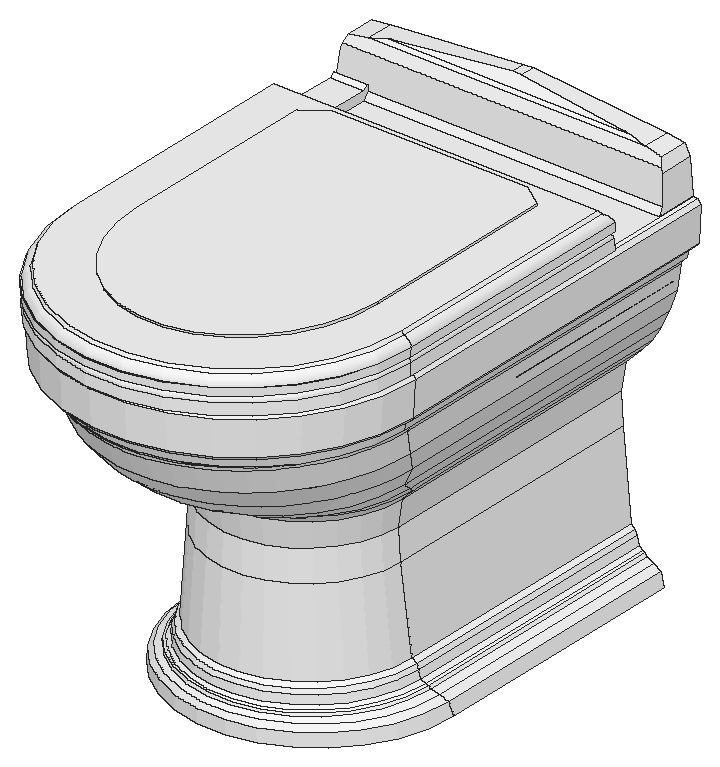
Revit family "Villeroy_Boch-Hommage_Washdown_WC-3D", category Plumbing Fixtures, Revit 2020
Family settings
  Round Connector Dimension = Use Diameter
  Part Type = Normal
  Work Plane-Based = No
  Always vertical = Yes
  Cut with Voids When Loaded = No
  Shared = No
  Room Calculation Point = No
Parameters
  Villeroy & Boch AG Matériau = Céramique
  URL = "http://www.villeroy-boch.fr"
  Téléphone = "0049 (0) 6864 / 810"
  Type Comments = "Que ce soit dans les domaines de la salle de bains et wellness, l'art de la table, les carrelages ou la cuisine, nos produits se distinguent par leur impression d'élégance, leur maniabilité intuitive et leur qualité à long terme. Laissez-vous surprendre et convaincre par notre design innovant made by Villeroy & Boch."
  Model = "Villeroy Boch Hommage Washdown WC"
  Manufacturer = "Villeroy & Boch"
  Email = "information@villeroy-boch.com"
  Description = "Un design innovant à l'élégance intemporelle et à la qualité exceptionnelle :  voilà ce que garantit Villeroy & Boch et ce depuis 1748. En se basant sur cette tradition, les designers et chefs de produit ont développé des collections et des concepts afin de créer des cadres de vie."
  Default Elevation = 0 cm
  Addresse = "Villeroy & Boch AG, Saaruferstraße, 66693 Mettlach, Deutschland"
Reference planes (cm)
  plane 1 "Center (Front/Back)": y = 0
  plane 2: z = 0
  plane 3 "Center (Left/Right)": x = 0
Lines and regions (cm)
  symbolic lines
    curve 1: line (-18.5348, 0, 0) -> (-18.5348, -39.0046, 0)
    curve 2: line (18.5348, 0, 0) -> (18.5348, -39.0046, 0)
    curve 3: line (18.5348, 0, 0) -> (-18.5348, 0, 0)
    curve 4: line (-18.5348, -11.7125, 0) -> (18.5348, -11.7125, 0)
    curve 5: arc (-18.5348, -39.0046, 0) -> (0, -57.5393, 0) -> (18.5348, -39.0046, 0) r 18.5348
    curve 6: line (-18.5348, -4.7125, 0) -> (18.5348, -4.7125, 0)
    curve 7: line (-12.9924, -15.1015, 0) -> (-12.9924, -37.9688, 0)
    curve 8: line (12.9924, -37.9688, 0) -> (12.9924, -15.1015, 0)
    curve 9: line (12.9924, -15.1015, 0) -> (10.5349, -13.3807, 0)
    curve 10: line (10.5349, -13.3807, 0) -> (-10.5349, -13.3807, 0)
    curve 11: line (-10.5349, -13.3807, 0) -> (-12.9924, -15.1015, 0)
    curve 12: arc (-12.9924, -37.9688, 0) -> (0, -50.9612, 0) -> (12.9924, -37.9688, 0) r 12.9924
Nested families (cm)
  nested 1: "Villeroy Boch Hommage Washdown WC" at (0, -28.75, 0), type "Villeroy Boch Hommage Washdown WC"
Definition of nested family "Villeroy Boch Hommage Washdown WC"
  Parameters
    Mat1 = none
    Default Elevation = 0 cm
    Assembly Code = ""
  Reference planes (cm)
    plane 1 "Center (Front/Back)": y = 0
    plane 2: z = 0
    plane 3 "Center (Left/Right)": x = 0
  Forms (cm)
    SweptBlend 1, solid, material <- "Mat1"
      path origin (0, 0, 0) x (0, 1, 0) y (0, 0, 1)
        loop
          line (28.75, 1.4402) -> (28.75, 0)
      profile origin (0, 28.75, 1.4402) x (1, 0, 0) y (0, 1, 0)
        loop
          line (-14.2448, 0) -> (-14.2448, -28.625)
          arc (-14.2448, -28.625) -> (0, -42.8698) -> (14.2448, -28.625) r 14.2448
          line (14.2448, -28.625) -> (14.2448, 0) -> (-14.2448, 0)
      end profile origin (0, 28.75, 0) x (1, 0, 0) y (0, 1, 0)
        loop
          line (-14.5448, 0) -> (-14.5448, -28.3125)
          arc (-14.5448, -28.3125) -> (0, -42.8573) -> (14.5448, -28.3125) r 14.5448
          line (14.5448, -28.3125) -> (14.5448, 0) -> (-14.5448, 0)
    SweptBlend 2, solid, material <- "Mat1"
      path origin (0, 0, 0) x (0, 1, 0) y (0, 0, 1)
        loop
          line (-12.2275, 2.013) -> (-12.2275, 1.4402)
      profile origin (0, -12.2275, 2.013) x (1, 0, 0) y (0, 1, 0)
        loop
          line (-13.5448, 40.9775) -> (-13.5448, 12.04)
          arc (-13.5448, 12.04) -> (0, -1.5047) -> (13.5448, 12.04) r 13.5448
          line (13.5448, 12.04) -> (13.5448, 40.9775) -> (-13.5448, 40.9775)
      end profile origin (0, -12.2275, 1.4402) x (1, 0, 0) y (0, 1, 0)
        loop
          arc (-14.2448, 12.3525) -> (0, -1.8922) -> (14.2448, 12.3525) r 14.2448
          line (14.2448, 12.3525) -> (14.2448, 40.9775) -> (-14.2448, 40.9775) -> (-14.2448, 12.3525)
    SweptBlend 3, solid, material <- "Mat1"
      path origin (0, 0, 0) x (0, 1, 0) y (0, 0, 1)
        loop
          line (-12.8544, 2.013) -> (-12.8544, 2.3885)
      profile origin (0, -12.8544, 2.013) x (0, -1, 0) y (1, 0, 0)
        loop
          line (-41.6044, -13.5448) -> (-12.6669, -13.5448)
          arc (-12.6669, -13.5448) -> (0.8779, 0) -> (-12.6669, 13.5448) r 13.5448
          line (-12.6669, 13.5448) -> (-41.6044, 13.5448) -> (-41.6044, -13.5448)
      end profile origin (0, -12.8544, 2.3885) x (0, -1, 0) y (1, 0, 0)
        loop
          line (-41.6044, 12.7448) -> (-41.6044, -12.7448) -> (-12.3994, -12.7448)
          arc (-12.3994, -12.7448) -> (0.3454, 0) -> (-12.3994, 12.7448) r 12.7448
          line (-12.3994, 12.7448) -> (-41.6044, 12.7448)
    SweptBlend 4, solid, material <- "Mat1"
      path origin (0, 0, 0) x (0, 1, 0) y (0, 0, 1)
        loop
          line (-12.9741, 2.3885) -> (-12.9741, 2.6709)
      profile origin (0, -12.9741, 2.3885) x (0, -1, 0) y (1, 0, 0)
        loop
          line (-41.7241, -12.7448) -> (-12.5191, -12.7448)
          arc (-12.5191, -12.7448) -> (0.2256, 0) -> (-12.5191, 12.7448) r 12.7448
          line (-12.5191, 12.7448) -> (-41.7241, 12.7448) -> (-41.7241, -12.7448)
      end profile origin (0, -12.9741, 2.6709) x (0, -1, 0) y (1, 0, 0)
        loop
          line (-41.7241, 12.5648) -> (-41.7241, -12.5648) -> (-12.4616, -12.5648)
          arc (-12.4616, -12.5648) -> (0.1031, 0) -> (-12.4616, 12.5648) r 12.5648
          line (-12.4616, 12.5648) -> (-41.7241, 12.5648)
    SweptBlend 5, solid, material <- "Mat1"
      path origin (0, 0, 0) x (0, 1, 0) y (0, 0, 1)
        loop
          line (-12.7827, 2.6709) -> (-12.7827, 2.834)
      profile origin (0, -12.7827, 2.6709) x (0, -1, 0) y (1, 0, 0)
        loop
          line (-41.5327, -12.5648) -> (-12.2702, -12.5648)
          arc (-12.2702, -12.5648) -> (0.2946, 0) -> (-12.2702, 12.5648) r 12.5648
          line (-12.2702, 12.5648) -> (-41.5327, 12.5648) -> (-41.5327, -12.5648)
      end profile origin (0, -12.7827, 2.834) x (0, -1, 0) y (1, 0, 0)
        loop
          line (-41.5327, -12.3348) -> (-12.2364, -12.3348)
          arc (-12.2364, -12.3348) -> (0.0983, 0) -> (-12.2364, 12.3348) r 12.3348
          line (-12.2364, 12.3348) -> (-41.5327, 12.3348) -> (-41.5327, -12.3348)
    SweptBlend 6, solid, material <- "Mat1"
      path origin (0, 0, 0) x (1, 0, 0) y (0, 0, 1)
        loop
          line (-10.4138, 2.834) -> (-10.4138, 3.1347)
      profile origin (-10.4138, 0, 2.834) x (-1, 0, 0) y (0, -1, 0)
        loop
          line (1.921, -28.75) -> (1.921, 0.5463)
          arc (1.921, 0.5463) -> (-10.4138, 12.881) -> (-22.7485, 0.5463) r 12.3348
          line (-22.7485, 0.5463) -> (-22.7485, -28.75) -> (1.921, -28.75)
      end profile origin (-10.4138, 0, 3.1347) x (-1, 0, 0) y (0, -1, 0)
        loop
          line (-22.2985, -28.75) -> (1.471, -28.75) -> (1.471, 0.6263)
          arc (1.471, 0.6263) -> (-10.4138, 12.511) -> (-22.2985, 0.6263) r 11.8848
          line (-22.2985, 0.6263) -> (-22.2985, -28.75)
    SweptBlend 7, solid, material <- "Mat1"
      path origin (0, 0, 0) x (0, 1, 0) y (0, 0, 1)
        loop
          line (-12.2155, 3.1347) -> (-12.2155, 4.0346)
      profile origin (0, -12.2155, 3.1347) x (0, -1, 0) y (1, 0, 0)
        loop
          line (-11.5893, 11.8848) -> (-40.9655, 11.8848) -> (-40.9655, -11.8848) -> (-11.5893, -11.8848)
          arc (-11.5893, -11.8848) -> (0.2955, 0) -> (-11.5893, 11.8848) r 11.8848
      end profile origin (0, -12.2155, 4.0346) x (0, -1, 0) y (1, 0, 0)
        loop
          line (-40.9655, 11.6848) -> (-40.9655, -11.6848) -> (-11.4643, -11.6848)
          arc (-11.4643, -11.6848) -> (0.2205, 0) -> (-11.4643, 11.6848) r 11.6848
          line (-11.4643, 11.6848) -> (-40.9655, 11.6848)
    SweptBlend 8, solid, material <- "Mat1"
      path origin (0, 0, 0) x (0, 1, 0) y (0, 0, 1)
        loop
          line (-11.5076, 4.5394) -> (-11.5076, 4.0346)
      profile origin (0, -11.5076, 4.5394) x (1, 0, 0) y (0, 1, 0)
        loop
          line (-11.4848, 40.2576) -> (-11.4848, 10.7613)
          arc (-11.4848, 10.7613) -> (0, -0.7234) -> (11.4848, 10.7613) r 11.4848
          line (11.4848, 10.7613) -> (11.4848, 40.2576) -> (-11.4848, 40.2576)
      end profile origin (0, -11.5076, 4.0346) x (1, 0, 0) y (0, 1, 0)
        loop
          arc (-11.6848, 10.7563) -> (0, -0.9284) -> (11.6848, 10.7563) r 11.6848
          line (11.6848, 10.7563) -> (11.6848, 40.2576) -> (-11.6848, 40.2576) -> (-11.6848, 10.7563)
    SweptBlend 9, solid, material <- "Mat1"
      path origin (0, 0, 0) x (0, 1, 0) y (0, 0, 1)
        loop
          line (-10.9964, 4.5394) -> (-10.9964, 4.9354)
      profile origin (0, -10.9964, 4.5394) x (0, -1, 0) y (1, 0, 0)
        loop
          arc (-10.2501, -11.4848) -> (1.2346, 0) -> (-10.2501, 11.4848) r 11.4848
          line (-10.2501, 11.4848) -> (-39.7464, 11.4848) -> (-39.7464, -11.4848) -> (-10.2501, -11.4848)
      end profile origin (0, -10.9964, 4.9354) x (0, -1, 0) y (1, 0, 0)
        loop
          line (-39.7464, 10.9848) -> (-39.7464, -10.9848) -> (-10.2001, -10.9848)
          arc (-10.2001, -10.9848) -> (0.7846, 0) -> (-10.2001, 10.9848) r 10.9848
          line (-10.2001, 10.9848) -> (-39.7464, 10.9848)
    SweptBlend 10, solid, material <- "Mat1"
      path origin (0, 0, 0) x (0, 1, 0) y (0, 0, 1)
        loop
          line (-10.1089, 14.1145) -> (-10.1089, 4.9354)
      profile origin (0, -10.1089, 14.1145) x (1, 0, 0) y (0, 1, 0)
        loop
          line (-10.1348, 38.8589) -> (-10.1348, 8.9331)
          arc (-10.1348, 8.9331) -> (0, -1.2017) -> (10.1348, 8.9331) r 10.1348
          line (10.1348, 8.9331) -> (10.1348, 38.8589) -> (-10.1348, 38.8589)
      end profile origin (0, -10.1089, 4.9354) x (1, 0, 0) y (0, 1, 0)
        loop
          arc (-10.9848, 9.3126) -> (0, -1.6721) -> (10.9848, 9.3126) r 10.9848
          line (10.9848, 9.3126) -> (10.9848, 38.8589) -> (-10.9848, 38.8589) -> (-10.9848, 9.3126)
    SweptBlend 11, solid, material <- "Mat1"
      path origin (0, 0, 0) x (0, 1, 0) y (0, 0, 1)
        loop
          line (-10.7003, 17.4709) -> (-10.7003, 14.1145)
      profile origin (0, -10.7003, 17.4709) x (1, 0, 0) y (0, 1, 0)
        loop
          line (-9.9348, 39.4503) -> (-9.9348, 9.4717)
          arc (-9.9348, 9.4717) -> (0, -0.4631) -> (9.9348, 9.4717) r 9.9348
          line (9.9348, 9.4717) -> (9.9348, 39.4503) -> (-9.9348, 39.4503)
      end profile origin (0, -10.7003, 14.1145) x (1, 0, 0) y (0, 1, 0)
        loop
          line (-10.1348, 39.4503) -> (-10.1348, 9.5245)
          arc (-10.1348, 9.5245) -> (0, -0.6103) -> (10.1348, 9.5245) r 10.1348
          line (10.1348, 9.5245) -> (10.1348, 39.4503) -> (-10.1348, 39.4503)
    SweptBlend 12, solid, material <- "Mat1"
      path origin (0, 0, 0) x (0, 1, 0) y (0, 0, 1)
        loop
          line (-9.5, 20.4181) -> (-9.5, 17.4709)
      profile origin (0, -9.5, 20.4181) x (1, 0, 0) y (0, 1, 0)
        loop
          line (10.4848, 8.125) -> (10.4848, 38.25) -> (-10.4848, 38.25) -> (-10.4848, 8.125)
          arc (-10.4848, 8.125) -> (0, -2.3598) -> (10.4848, 8.125) r 10.4848
      end profile origin (0, -9.5, 17.4709) x (1, 0, 0) y (0, 1, 0)
        loop
          line (-9.9348, 38.25) -> (-9.9348, 8.2714)
          arc (-9.9348, 8.2714) -> (0, -1.6633) -> (9.9348, 8.2714) r 9.9348
          line (9.9348, 8.2714) -> (9.9348, 38.25) -> (-9.9348, 38.25)
    SweptBlend 13, solid, material <- "Mat1"
      path origin (0, 0, 0) x (1, 0, 0) y (0, 0, 1)
        loop
          line (9.1681, 22.181) -> (9.1681, 20.4181)
      profile origin (9.1681, 0, 22.181) x (0, -1, 0) y (1, 0, 0)
        loop
          line (-28.75, -21.4029) -> (2.2286, -21.4029)
          arc (2.2286, -21.4029) -> (14.4633, -9.1681) -> (2.2286, 3.0666) r 12.2348
          line (2.2286, 3.0666) -> (-28.75, 3.0666) -> (-28.75, -21.4029)
      end profile origin (9.1681, 0, 20.4181) x (0, -1, 0) y (1, 0, 0)
        loop
          line (-28.75, -19.6529) -> (1.375, -19.6529)
          arc (1.375, -19.6529) -> (11.8598, -9.1681) -> (1.375, 1.3166) r 10.4848
          line (1.375, 1.3166) -> (-28.75, 1.3166) -> (-28.75, -19.6529)
    SweptBlend 14, solid, material <- "Mat1"
      path origin (0, 0, 0) x (0, 1, 0) y (0, 0, 1)
        loop
          line (-13.0754, 23.4331) -> (-13.0754, 22.181)
      profile origin (0, -13.0754, 23.4331) x (1, 0, 0) y (0, 1, 0)
        loop
          line (-13.2348, 41.8254) -> (-13.2348, 9.1468)
          arc (-13.2348, 9.1468) -> (0, -4.0879) -> (13.2348, 9.1468) r 13.2348
          line (13.2348, 9.1468) -> (13.2348, 41.8254) -> (-13.2348, 41.8254)
      end profile origin (0, -13.0754, 22.181) x (1, 0, 0) y (0, 1, 0)
        loop
          line (-12.2348, 41.8254) -> (-12.2348, 10.8468)
          arc (-12.2348, 10.8468) -> (0, -1.3879) -> (12.2348, 10.8468) r 12.2348
          line (12.2348, 10.8468) -> (12.2348, 41.8254) -> (-12.2348, 41.8254)
    SweptBlend 15, solid, material <- "Mat1"
      path origin (0, 0, 0) x (0, 1, 0) y (0, 0, 1)
        loop
          line (-14.315, 25.006) -> (-14.315, 23.4331)
      profile origin (0, -14.315, 25.006) x (1, 0, 0) y (0, 1, 0)
        loop
          line (-14.2348, 43.065) -> (-14.2348, 8.5364)
          arc (-14.2348, 8.5364) -> (0, -5.6983) -> (14.2348, 8.5364) r 14.2348
          line (14.2348, 8.5364) -> (14.2348, 43.065) -> (-14.2348, 43.065)
      end profile origin (0, -14.315, 23.4331) x (1, 0, 0) y (0, 1, 0)
        loop
          line (-13.2348, 43.065) -> (-13.2348, 10.3864)
          arc (-13.2348, 10.3864) -> (0, -2.8483) -> (13.2348, 10.3864) r 13.2348
          line (13.2348, 10.3864) -> (13.2348, 43.065) -> (-13.2348, 43.065)
    SweptBlend 16, solid, material <- "Mat1"
      path origin (0, 0, 0) x (1, 0, 0) y (0, 0, 1)
        loop
          line (14, 26.9076) -> (14, 25.006)
      profile origin (14, 0, 26.9076) x (0, -1, 0) y (1, 0, 0)
        loop
          line (-28.75, -29.1348) -> (5.7786, -29.1348)
          spline (5.7786, -29.1348) -> (10.0491, -28.619) -> (14.0286, -27.1071) -> (17.4458, -24.7019) -> (20.068, -21.5674) -> (21.7164, -17.9172) -> (22.2786, -14) -> (21.7164, -10.0828) -> (20.068, -6.4326) -> (17.4458, -3.2981) -> (14.0286, -0.8929) -> (10.0491, 0.619) -> (5.7786, 1.1348)
          line (5.7786, 1.1348) -> (-28.75, 1.1348) -> (-28.75, -29.1348)
      end profile origin (14, 0, 25.006) x (0, -1, 0) y (1, 0, 0)
        loop
          line (5.7786, 0.2348) -> (-28.75, 0.2348) -> (-28.75, -28.2348) -> (5.7786, -28.2348)
          arc (5.7786, -28.2348) -> (20.0133, -14) -> (5.7786, 0.2348) r 14.2348
    SweptBlend 17, solid, material <- "Mat1"
      path origin (0, 0, 0) x (1, 0, 0) y (0, 0, 1)
        loop
          line (-12.2461, 29.2158) -> (-12.2461, 26.9076)
      profile origin (-12.2461, 0, 29.2158) x (0, -1, 0) y (1, 0, 0)
        loop
          line (-28.75, -3.6887) -> (7.0786, -3.6887)
          spline (7.0786, -3.6887) -> (11.5319, -3.1508) -> (15.6885, -1.5713) -> (19.2688, 0.949) -> (22.0267, 4.2464) -> (23.7668, 8.1005) -> (24.3617, 12.2461) -> (23.7668, 16.3916) -> (22.0267, 20.2457) -> (19.2688, 23.5431) -> (15.6885, 26.0634) -> (11.5319, 27.643) -> (7.0786, 28.1808)
          line (7.0786, 28.1808) -> (-28.75, 28.1808) -> (-28.75, -3.6887)
      end profile origin (-12.2461, 0, 26.9076) x (0, -1, 0) y (1, 0, 0)
        loop
          line (-28.75, -2.8887) -> (5.7786, -2.8887)
          spline (5.7786, -2.8887) -> (10.0491, -2.373) -> (14.0286, -0.861) -> (17.4458, 1.5442) -> (20.068, 4.6787) -> (21.7164, 8.3289) -> (22.2786, 12.2461) -> (21.7164, 16.1632) -> (20.068, 19.8134) -> (17.4458, 22.9479) -> (14.0286, 25.3531) -> (10.0491, 26.8651) -> (5.7786, 27.3808)
          line (5.7786, 27.3808) -> (-28.75, 27.3808) -> (-28.75, -2.8887)
    SweptBlend 18, solid, material <- "Mat1"
      path origin (0, 0, 0) x (0, 1, 0) y (0, 0, 1)
        loop
          line (-22.8309, 32.0501) -> (-22.8309, 29.2158)
      profile origin (0, -22.8309, 32.0501) x (1, 0, 0) y (0, 1, 0)
        loop
          line (-16.4348, 51.5809) -> (-16.4348, 14.7523)
          spline (-16.4348, 14.7523) -> (-15.8847, 10.1989) -> (-14.2671, 5.9424) -> (-11.6787, 2.266) -> (-8.2804, -0.5758) -> (-4.2952, -2.3747) -> (0, -2.9909) -> (4.2952, -2.3747) -> (8.2804, -0.5758) -> (11.6787, 2.266) -> (14.2671, 5.9424) -> (15.8847, 10.1989) -> (16.4348, 14.7523)
          line (16.4348, 14.7523) -> (16.4348, 51.5809) -> (-16.4348, 51.5809)
      end profile origin (0, -22.8309, 29.2158) x (1, 0, 0) y (0, 1, 0)
        loop
          line (15.9348, 15.7523) -> (15.9348, 51.5809) -> (-15.9348, 51.5809) -> (-15.9348, 15.7523)
          spline (-15.9348, 15.7523) -> (-15.3969, 11.299) -> (-13.8174, 7.1424) -> (-11.297, 3.5621) -> (-7.9997, 0.8042) -> (-4.1455, -0.9359) -> (0, -1.5307) -> (4.1455, -0.9359) -> (7.9997, 0.8042) -> (11.297, 3.5621) -> (13.8174, 7.1424) -> (15.3969, 11.299) -> (15.9348, 15.7523)
    SweptBlend 19, solid, material <- "Mat1"
      path origin (0, 0, 0) x (0, 1, 0) y (0, 0, 1)
        loop
          line (-25.3294, 32.499) -> (-25.3294, 32.0501)
      profile origin (0, -25.3294, 32.499) x (1, 0, 0) y (0, 1, 0)
        loop
          line (-16.6348, 54.0794) -> (-16.6348, 17.2508)
          spline (-16.6348, 17.2508) -> (-16.0789, 12.6496) -> (-14.4438, 8.3473) -> (-11.826, 4.6293) -> (-8.387, 1.7534) -> (-4.3513, -0.0682) -> (0, -0.6925) -> (4.3513, -0.0682) -> (8.387, 1.7534) -> (11.826, 4.6293) -> (14.4438, 8.3473) -> (16.0789, 12.6496) -> (16.6348, 17.2508)
          line (16.6348, 17.2508) -> (16.6348, 54.0794) -> (-16.6348, 54.0794)
      end profile origin (0, -25.3294, 32.0501) x (1, 0, 0) y (0, 1, 0)
        loop
          line (-16.4348, 54.0794) -> (-16.4348, 17.2508)
          spline (-16.4348, 17.2508) -> (-15.8847, 12.6973) -> (-14.2671, 8.4409) -> (-11.6787, 4.7645) -> (-8.2804, 1.9227) -> (-4.2952, 0.1238) -> (0, -0.4925) -> (4.2952, 0.1238) -> (8.2804, 1.9227) -> (11.6787, 4.7645) -> (14.2671, 8.4409) -> (15.8847, 12.6973) -> (16.4348, 17.2508)
          line (16.4348, 17.2508) -> (16.4348, 54.0794) -> (-16.4348, 54.0794)
    SweptBlend 20, solid, material <- "Mat1"
      path origin (0, 0, 0) x (1, 0, 0) y (0, 0, 1)
        loop
          line (16.1499, 32.8305) -> (16.1499, 32.499)
      profile origin (16.1499, 0, 32.8305) x (0, -1, 0) y (1, 0, 0)
        loop
          line (-28.75, -33.1847) -> (9.2786, -33.1847)
          arc (9.2786, -33.1847) -> (26.3133, -16.1499) -> (9.2786, 0.8848) r 17.0348
          line (9.2786, 0.8848) -> (-28.75, 0.8848) -> (-28.75, -33.1847)
      end profile origin (16.1499, 0, 32.499) x (0, -1, 0) y (1, 0, 0)
        loop
          line (-28.75, -32.7847) -> (8.0786, -32.7847)
          spline (8.0786, -32.7847) -> (12.6798, -32.2289) -> (16.9821, -30.5937) -> (20.7001, -27.976) -> (23.5759, -24.5369) -> (25.3976, -20.5013) -> (26.0219, -16.1499) -> (25.3976, -11.7986) -> (23.5759, -7.763) -> (20.7001, -4.3239) -> (16.9821, -1.7061) -> (12.6798, -0.071) -> (8.0786, 0.4848)
          line (8.0786, 0.4848) -> (-28.75, 0.4848) -> (-28.75, -32.7847)
    SweptBlend 21, solid, material <- "Mat1"
      path origin (0, 0, 0) x (0, 1, 0) y (0, 0, 1)
        loop
          line (-26.0023, 33.8165) -> (-26.0023, 32.8305)
      profile origin (0, -26.0023, 33.8165) x (1, 0, 0) y (0, 1, 0)
        loop
          line (-17.3348, 54.7523) -> (-17.3348, 16.5987)
          arc (-17.3348, 16.5987) -> (0, -0.736) -> (17.3348, 16.5987) r 17.3348
          line (17.3348, 16.5987) -> (17.3348, 54.7523) -> (-17.3348, 54.7523)
      end profile origin (0, -26.0023, 32.8305) x (1, 0, 0) y (0, 1, 0)
        loop
          line (-17.0348, 54.7523) -> (-17.0348, 16.7237)
          arc (-17.0348, 16.7237) -> (0, -0.311) -> (17.0348, 16.7237) r 17.0348
          line (17.0348, 16.7237) -> (17.0348, 54.7523) -> (-17.0348, 54.7523)
    SweptBlend 22, solid, material <- "Mat1"
      path origin (0, 0, 0) x (0, 1, 0) y (0, 0, 1)
        loop
          line (-26.6636, 34.2282) -> (-26.6636, 33.8165)
      profile origin (0, -26.6636, 34.2282) x (1, 0, 0) y (0, 1, 0)
        loop
          line (-17.9348, 55.4136) -> (-17.9348, 17.01)
          arc (-17.9348, 17.01) -> (0, -0.9247) -> (17.9348, 17.01) r 17.9348
          line (17.9348, 17.01) -> (17.9348, 55.4136) -> (-17.9348, 55.4136)
      end profile origin (0, -26.6636, 33.8165) x (1, 0, 0) y (0, 1, 0)
        loop
          line (-17.3348, 55.4136) -> (-17.3348, 17.26)
          arc (-17.3348, 17.26) -> (0, -0.0747) -> (17.3348, 17.26) r 17.3348
          line (17.3348, 17.26) -> (17.3348, 55.4136) -> (-17.3348, 55.4136)
    SweptBlend 23, solid, material <- "Mat1"
      path origin (0, 0, 0) x (1, 0, 0) y (0, 0, 1)
        loop
          line (-16.9258, 34.6465) -> (-16.9258, 34.2282)
      profile origin (-16.9258, 0, 34.6465) x (0, -1, 0) y (1, 0, 0)
        loop
          line (-28.75, -1.409) -> (9.6536, -1.409)
          arc (9.6536, -1.409) -> (27.9883, 16.9258) -> (9.6536, 35.2605) r 18.3348
          line (9.6536, 35.2605) -> (-28.75, 35.2605) -> (-28.75, -1.409)
      end profile origin (-16.9258, 0, 34.2282) x (0, -1, 0) y (1, 0, 0)
        loop
          arc (9.6536, -1.009) -> (27.5883, 16.9258) -> (9.6536, 34.8605) r 17.9348
          line (9.6536, 34.8605) -> (-28.75, 34.8605) -> (-28.75, -1.009) -> (9.6536, -1.009)
    SweptBlend 24, solid, material <- "Mat1"
      path origin (0, 0, 0) x (1, 0, 0) y (0, 0, 1)
        loop
          line (-16.4257, 38.4223) -> (-16.4257, 34.6465)
      profile origin (-16.4257, 0, 38.4223) x (0, -1, 0) y (1, 0, 0)
        loop
          line (-28.75, -2.109) -> (9.6536, -2.109)
          arc (9.6536, -2.109) -> (28.1883, 16.4257) -> (9.6536, 34.9605) r 18.5348
          line (9.6536, 34.9605) -> (-28.75, 34.9605) -> (-28.75, -2.109)
      end profile origin (-16.4257, 0, 34.6465) x (0, -1, 0) y (1, 0, 0)
        loop
          line (-28.75, -1.909) -> (9.6536, -1.909)
          arc (9.6536, -1.909) -> (27.9883, 16.4257) -> (9.6536, 34.7605) r 18.3348
          line (9.6536, 34.7605) -> (-28.75, 34.7605) -> (-28.75, -1.909)
    SweptBlend 25, solid, material <- "Mat1"
      path origin (0, 0, 0) x (0, 1, 0) y (0, 0, 1)
        loop
          line (-27.2893, 38.4223) -> (-27.2893, 38.8901)
      profile origin (0, -27.2893, 38.4223) x (0, -1, 0) y (1, 0, 0)
        loop
          line (-56.0393, -18.5348) -> (-17.6357, -18.5348)
          arc (-17.6357, -18.5348) -> (0.899, 0) -> (-17.6357, 18.5348) r 18.5348
          line (-17.6357, 18.5348) -> (-56.0393, 18.5348) -> (-56.0393, -18.5348)
      end profile origin (0, -27.2893, 38.8901) x (0, -1, 0) y (1, 0, 0)
        loop
          line (-56.0393, -18.2348) -> (-17.6357, -18.2348)
          arc (-17.6357, -18.2348) -> (0.599, 0) -> (-17.6357, 18.2348) r 18.2348
          line (-17.6357, 18.2348) -> (-56.0393, 18.2348) -> (-56.0393, -18.2348)
    SweptBlend 26, solid, material <- "Mat1"
      path origin (0, 0, 0) x (0, 1, 0) y (0, 0, 1)
        loop
          line (-26.9748, 39.0149) -> (-26.9748, 38.8901)
      profile origin (0, -26.9748, 39.0149) x (1, 0, 0) y (0, 1, 0)
        loop
          line (-17.8348, 55.7248) -> (-17.8348, 17.8212)
          arc (-17.8348, 17.8212) -> (0, -0.0135) -> (17.8348, 17.8212) r 17.8348
          line (17.8348, 17.8212) -> (17.8348, 55.7248) -> (-17.8348, 55.7248)
      end profile origin (0, -26.9748, 38.8901) x (1, 0, 0) y (0, 1, 0)
        loop
          line (-18.2348, 55.7248) -> (-18.2348, 17.3212)
          arc (-18.2348, 17.3212) -> (0, -0.9135) -> (18.2348, 17.3212) r 18.2348
          line (18.2348, 17.3212) -> (18.2348, 55.7248) -> (-18.2348, 55.7248)
    Extrusion 27, solid, material <- "Mat1"
      sketch origin (0, 0, 0) x (0, 1, 0) y (0, 0, 1)
        loop
          line (28.75, 39.0149) -> (28.75, 45.3516) -> (27.2185, 45.3516) -> (26.2883, 44.4215) -> (25.7665, 44.1555) -> (25.1946, 43.165) -> (24.7715, 39.7195) -> (24.25, 39.0149) -> (28.75, 39.0149)
      from -18.5348 to 18.3348
    Sweep 28, void
      path origin (0, 0, 0) x (0, 1, 0) y (0, 0, 1)
        loop
          line (29.3085, 41.3864) -> (23.8085, 41.3864)
      profile origin (0, 26.5585, 41.3864) x (0, 0, -1) y (1, 0, 0)
        loop
          line (-2.7691, 14.8794) -> (-2.5254, 16.8645) -> (-1.2828, 17.4177) -> (2.3715, 17.7213) -> (2.3715, 18.6136) -> (-5.2997, 18.6136) -> (-5.2997, -18.6639) -> (2.3715, -18.6639) -> (2.3715, -17.7685) -> (-1.2828, -17.4681) -> (-2.5254, -16.9149) -> (-2.7691, -14.9298)
          arc (-2.7691, -14.9298) -> (-3.9666, -0.0252) -> (-2.7691, 14.8794) r 93.3538
    Extrusion 29, solid, material <- "Mat1"
      sketch origin (0, 0, 0) x (0, 1, 0) y (0, 0, 1)
        loop
          line (24.7682, 40.2945) -> (24.2403, 39.9898) -> (19.2403, 39.9898) -> (17.75, 39.0149) -> (24.7682, 39.0149) -> (24.7682, 40.2945)
      from -17.8348 to -14.2448
    Extrusion 30, solid, material <- "Mat1"
      sketch origin (31.9661, -0.0064, 0) x (0, 1, 0) y (0, 0, 1)
        loop
          line (24.7682, 40.2945) -> (24.2403, 39.9898) -> (19.2403, 39.9898) -> (17.75, 39.0149) -> (24.7682, 39.0149) -> (24.7682, 40.2945)
      from -17.8348 to -14.2448
    Extrusion 31, solid, material <- "Mat1"
      sketch origin (0, 0, 0) x (1, 0, 0) y (0, 1, 0)
        loop
          line (-18.5348, 17.25) -> (-18.5348, -10.2864)
          arc (-18.5348, -10.2864) -> (0, -28.8212) -> (18.5348, -10.2864) r 18.5348
          line (18.5348, -10.2864) -> (18.5348, 17.25) -> (-18.5348, 17.25)
      from 39.0149 to 43.0207
    Sweep 32, void
      path origin (0, 0, 0) x (1, 0, 0) y (0, 1, 0)
        loop
          line (18.5348, -10.2864) -> (18.5348, 17.25) -> (-18.5348, 17.25) -> (-18.5348, -10.2864)
          arc (-18.5348, -10.2864) -> (0, -28.8212) -> (18.5348, -10.2864) r 18.5348
      profile origin (18.5348, 3.4818, 0) x (-1, 0, 0) y (0, 0, 1)
        loop
          line (1.0373, 43.0292) -> (1.0373, 43.449) -> (-0.4627, 43.449) -> (-0.4627, 41.741) -> (0.0573, 41.741)
          arc (0.0573, 41.741) -> (0.303, 42.3241) -> (0.8094, 42.7037) r 1.211
          line (0.8094, 42.7037) -> (1.0373, 43.0292)
        loop
          line (0.7244, 40.9196) -> (-0.4627, 40.9196) -> (-0.4627, 38.9196) -> (0.0373, 38.9196) -> (0.1062, 40.2351)
          arc (0.1062, 40.2351) -> (0.2938, 40.687) -> (0.7244, 40.9196) r 0.7315
    Extrusion 33, solid, material <- "Mat1"
      sketch origin (0, 0, 0) x (1, 0, 0) y (0, 1, 0)
        loop
          line (-10.5349, 15.3693) -> (-12.9924, 13.6485) -> (-12.9924, -7.8515)
          spline (-12.9924, -7.8515) -> (-12.5497, -11.6188) -> (-11.2517, -15.1294) -> (-9.187, -18.1441) -> (-6.4962, -20.4573) -> (-3.3627, -21.9114) -> (0, -22.4074) -> (3.3627, -21.9114) -> (6.4962, -20.4573) -> (9.187, -18.1441) -> (11.2517, -15.1294) -> (12.5497, -11.6188) -> (12.9924, -7.8515)
          line (12.9924, -7.8515) -> (12.9924, 13.6485) -> (10.5349, 15.3693) -> (-10.5349, 15.3693)
      from 43.0248 to 43.2287
    Extrusion 34, void
      sketch origin (0, 0, 0) x (1, 0, 0) y (0, 0, 1)
        loop
          arc (15.5161, 29.928) -> (13.615, 26.6843) -> (10.5119, 24.5616) r 8.6
          arc (10.5119, 24.5616) -> (7.0421, 21.3946) -> (5.2529, 17.051) r 10.7574
          line (5.2529, 17.051) -> (5.2529, 4.5394) -> (0, 4.5394) -> (-5.2529, 4.5394) -> (-5.2529, 17.051)
          arc (-5.2529, 17.051) -> (-7.0421, 21.3946) -> (-10.5119, 24.5616) r 10.7574
          arc (-10.5119, 24.5616) -> (-13.615, 26.6843) -> (-15.5161, 29.928) r 8.6
          arc (-15.5161, 29.928) -> (-15.7353, 30.0276) -> (-15.856, 29.8192) r 0.1793
          arc (-15.856, 29.8192) -> (-13.7763, 24.6254) -> (-10.0885, 20.4181) r 16.592
          arc (-10.0885, 20.4181) -> (-9.5088, 17.2902) -> (-9.6929, 14.1145) r 13.2222
          line (-9.6929, 14.1145) -> (-10.572, 4.9354) -> (-10.9681, 4.5394) -> (-11.2296, 4.0346) -> (-11.3158, 3.1347) -> (-12.097, 2.6709) -> (-12.3794, 2.3885) -> (-13.0542, 1.9879) -> (-13.6019, 1.4402) -> (-13.7026, 0) -> (-13.7026, -1.2315) -> (0, -1.2315) -> (13.7026, -1.2315) -> (13.7026, 0) -> (13.6019, 1.4402) -> (13.0542, 1.9879) -> (12.3794, 2.3885) -> (12.097, 2.6709) -> (11.3158, 3.1347) -> (11.2296, 4.0346) -> (10.9681, 4.5394) -> (10.572, 4.9354) -> (9.6929, 14.1145)
          arc (9.6929, 14.1145) -> (9.5088, 17.2902) -> (10.0885, 20.4181) r 13.2222
          arc (10.0885, 20.4181) -> (13.7762, 24.6252) -> (15.8559, 29.8188) r 16.592
          arc (15.8559, 29.8188) -> (15.7406, 30.0435) -> (15.5161, 29.928) r 0.1784
      from -30.7838 to -5.8529
  Cuts and joins
    Extrusion 34 cuts SweptBlend 1
    Extrusion 34 cuts SweptBlend 2
    Extrusion 34 cuts SweptBlend 3
    Extrusion 34 cuts SweptBlend 4
    Extrusion 34 cuts SweptBlend 5
    Extrusion 34 cuts SweptBlend 6
    Extrusion 34 cuts SweptBlend 7
    Extrusion 34 cuts SweptBlend 8
    Extrusion 34 cuts SweptBlend 9
    Extrusion 34 cuts SweptBlend 10
    Extrusion 34 cuts SweptBlend 11
    Extrusion 34 cuts SweptBlend 12
    Extrusion 34 cuts SweptBlend 13
    Extrusion 34 cuts SweptBlend 14
    Extrusion 34 cuts SweptBlend 15
    Extrusion 34 cuts SweptBlend 16
    Extrusion 34 cuts SweptBlend 17
    Extrusion 34 cuts SweptBlend 18
    Sweep 28 cuts Extrusion 27
    Sweep 32 cuts Extrusion 31
    joined: SweptBlend 1, SweptBlend 2, SweptBlend 3, SweptBlend 4, SweptBlend 5, SweptBlend 6, SweptBlend 7, SweptBlend 8, SweptBlend 9, SweptBlend 10, SweptBlend 11, SweptBlend 12, SweptBlend 13, SweptBlend 14, SweptBlend 15, SweptBlend 16, SweptBlend 17, SweptBlend 18, SweptBlend 19, SweptBlend 20, SweptBlend 21, SweptBlend 22, SweptBlend 23, SweptBlend 24, SweptBlend 25, SweptBlend 26, Extrusion 27, Extrusion 29, Extrusion 30, Extrusion 31, Extrusion 33
